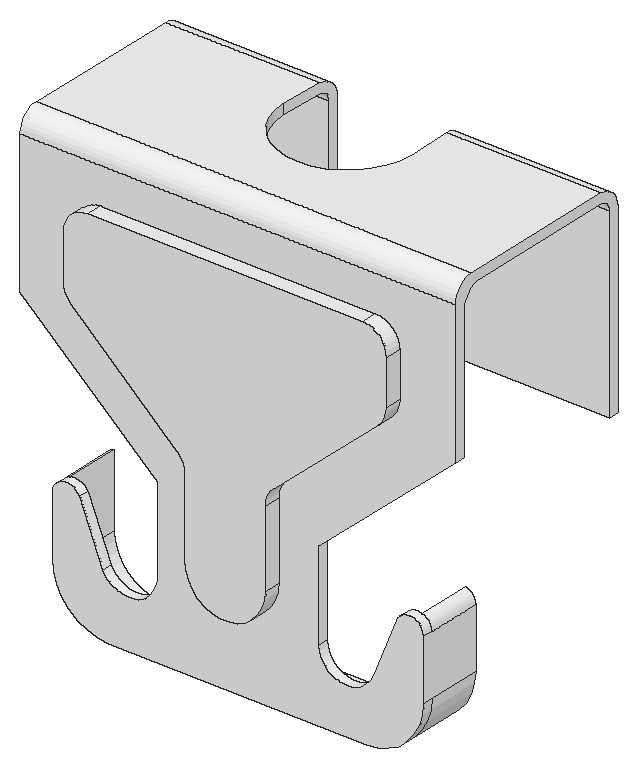
Revit family "sclip_19", category 機械設備, Revit 2022
Family settings
  丸型コネクタ寸法 = 直径を使用
  種別 = なし
  パーツ タイプ = 標準
  作業面ベース = いいえ
  常に垂直 = はい
  ロード時にボイドで切り取り = いいえ
  注釈の向きを維持 = いいえ
  共有 = いいえ
  部屋計算ポイント = いいえ
Parameters
  製造元 = "株式会社桐井製作所"
  既定の高さ = 0 mm
  URL = "https://www.kirii.co.jp/"
  K_品名 = "特殊19mmSクリップ"
  K_名称 = "特殊クリップ"
  K_入数 = "1500"
  K_バージョン情報 = "20211012"
Reference planes
  plane 1 "中心(正面/背面)": y = 0
  plane 2: z = 0
  plane 3 "中心(左/右)": x = 0
Forms (mm)
  Extrusion 1, solid
    sketch origin (0, 30, 0) x (0, 1, 0) y (0, 0, 1)
      loop
        line (-30, 0) -> (-29.4, -0.6) -> (-29.4, 25.75)
        arc (-29.4, 25.75) -> (-29.034, 26.634) -> (-28.15, 27) r 1.25
        line (-28.15, 27) -> (-18.75, 27)
        arc (-18.75, 27) -> (-18.29, 26.81) -> (-18.1, 26.35) r 0.65
        line (-18.1, 26.35) -> (-18.1, 14.25) -> (-17.5, 14.85) -> (-17.5, 26.35)
        arc (-17.5, 26.35) -> (-17.866, 27.234) -> (-18.75, 27.6) r 1.25
        line (-18.75, 27.6) -> (-28.75, 27.6)
        arc (-28.75, 27.6) -> (-29.634, 27.234) -> (-30, 26.35) r 1.25
        line (-30, 26.35) -> (-30, 0)
    from -13.591 to 13.409
  Extrusion 2, void
    sketch origin (0, -0.6, -0.8) x (0, 1, 0) y (0, 0, 1)
      loop
        line (0.387, 0.8) -> (0.387, -0.064) -> (1.428, -0.064) -> (1.428, 0.8) -> (0.387, 0.8)
    from -13.591 to 13.409
  Extrusion 3, solid
    sketch origin (0, 0, 0) x (1, 0, 0) y (0, 0, 1)
      loop
        arc (-11.591, 3.5) -> (-10.566, 1.025) -> (-8.091, 0) r 3.5
        line (-8.091, 0) -> (7.909, 0)
        arc (7.909, 0) -> (10.384, 1.025) -> (11.409, 3.5) r 3.5
        line (11.409, 3.5) -> (11.409, 7.25)
        arc (11.409, 7.25) -> (11.24, 7.724) -> (10.809, 7.985) r 0.75
        line (10.809, 7.985) -> (10.809, 3.5)
        arc (10.809, 3.5) -> (9.96, 1.449) -> (7.909, 0.6) r 2.9
        line (7.909, 0.6) -> (-8.091, 0.6)
        arc (-8.091, 0.6) -> (-10.141, 1.449) -> (-10.991, 3.5) r 2.9
        line (-10.991, 3.5) -> (-10.991, 7.985)
        arc (-10.991, 7.985) -> (-11.422, 7.724) -> (-11.591, 7.25) r 0.75
        line (-11.591, 7.25) -> (-11.591, 3.5)
    from -4 to 0
  Extrusion 4, void
    sketch origin (0, -4.1, -4.895) x (0, 1, 0) y (0, 0, 1)
      loop
        line (15.756, 19.753) -> (15.756, 18.957) -> (16.879, 18.957) -> (16.879, 19.753) -> (15.756, 19.753)
    from -13.591 to 13.409
  Extrusion 5, void
    sketch origin (0, 0, 0) x (1, 0, 0) y (0, 1, 0)
      loop
        arc (-4.091, 8.5) -> (-0.091, 4.5) -> (3.909, 8.5) r 4
        line (3.909, 8.5) -> (3.78, 12.5) -> (-3.962, 12.5) -> (-4.091, 8.5)
    from 14.03 to 27.6
  Extrusion 6, void
    sketch origin (0, 0, 0) x (1, 0, 0) y (0, 0, 1)
      loop
        line (-13.591, 17.6) -> (-13.591, 0) -> (-8.091, 0)
        arc (-8.091, 0) -> (-10.566, 1.025) -> (-11.591, 3.5) r 3.5
        line (-11.591, 3.5) -> (-11.591, 7.25)
        arc (-11.591, 7.25) -> (-10.847, 7.999) -> (-9.902, 7.529) r 0.901
        line (-9.902, 7.529) -> (-8.468, 3.943)
        arc (-8.468, 3.943) -> (-6.578, 3.002) -> (-5.091, 4.5) r 1.803
        line (-5.091, 4.5) -> (-5.091, 10) -> (-13.591, 17.6)
      loop
        line (13.409, 0) -> (13.409, 17.6) -> (4.909, 10) -> (4.909, 4.5)
        arc (4.909, 4.5) -> (6.374, 2.865) -> (8.287, 3.943) r 1.753
        line (8.287, 3.943) -> (9.721, 7.529)
        arc (9.721, 7.529) -> (10.677, 8.068) -> (11.409, 7.25) r 0.876
        line (11.409, 7.25) -> (11.409, 3.5)
        arc (11.409, 3.5) -> (10.384, 1.025) -> (7.909, 0) r 3.5
        line (7.909, 0) -> (13.409, 0)
    from -0.6 to 0.2
  Extrusion 7, solid
    sketch origin (0, 4, 0) x (1, 0, 0) y (0, 0, 1)
      loop
        line (-8.091, 0) -> (7.909, 0)
        arc (7.909, 0) -> (10.384, 1.025) -> (11.409, 3.5) r 3.5
        line (11.409, 3.5) -> (11.409, 7.25)
        arc (11.409, 7.25) -> (11.231, 7.735) -> (10.809, 8.035) r 0.876
        line (10.809, 8.035) -> (10.809, 3.5)
        arc (10.809, 3.5) -> (9.96, 1.449) -> (7.909, 0.6) r 2.9
        line (7.909, 0.6) -> (-8.091, 0.6)
        arc (-8.091, 0.6) -> (-10.141, 1.449) -> (-10.991, 3.5) r 2.9
        line (-10.991, 3.5) -> (-10.991, 7.963)
        arc (-10.991, 7.963) -> (-11.39, 7.69) -> (-11.591, 7.25) r 0.901
        line (-11.591, 7.25) -> (-11.591, 3.5)
        arc (-11.591, 3.5) -> (-10.566, 1.025) -> (-8.091, 0) r 3.5
    from 0 to 4
  Extrusion 8, solid
    sketch origin (0, 0, 0) x (1, 0, 0) y (0, 0, 1)
      loop
        arc (-8.591, 24.1) -> (-9.651, 23.661) -> (-10.091, 22.6) r 1.5
        line (-10.091, 22.6) -> (-10.091, 19.837)
        arc (-10.091, 19.837) -> (-9.96, 19.224) -> (-9.59, 18.718) r 1.5
        line (-9.59, 18.718) -> (-3.091, 12.907)
        arc (-3.091, 12.907) -> (-2.721, 12.401) -> (-2.591, 11.789) r 1.5
        line (-2.591, 11.789) -> (-2.591, 7)
        arc (-2.591, 7) -> (-0.091, 4.5) -> (2.409, 7) r 2.5
        line (2.409, 7) -> (2.409, 11.789)
        arc (2.409, 11.789) -> (2.54, 12.401) -> (2.91, 12.907) r 1.5
        line (2.91, 12.907) -> (9.409, 18.718)
        arc (9.409, 18.718) -> (9.779, 19.224) -> (9.909, 19.837) r 1.5
        line (9.909, 19.837) -> (9.909, 22.6)
        arc (9.909, 22.6) -> (9.47, 23.661) -> (8.409, 24.1) r 1.5
        line (8.409, 24.1) -> (-8.591, 24.1)
    from 0 to 1
Cuts and joins
  Extrusion 2, Extrusion 4, Extrusion 5, Extrusion 6 cuts Extrusion 1
  joined: Extrusion 1, Extrusion 3, Extrusion 7, Extrusion 8
Dimensions and locks
  aligned and locked: level to plane 2
